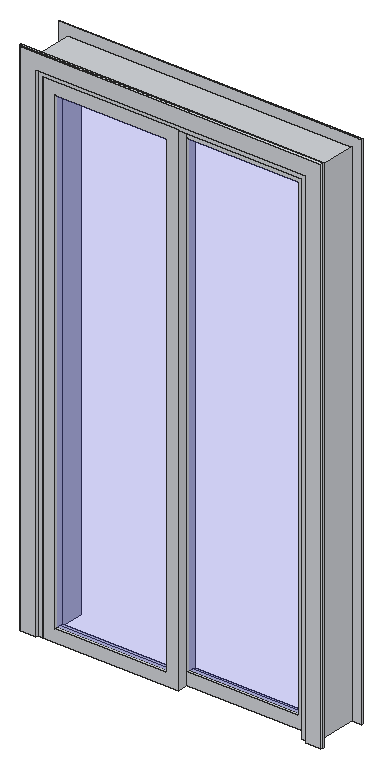
Revit family "Porta de correr dupla envidraçada com revestimento", category Portas, Revit 2019
Family settings
  Hospedeiro = Parede
  Número OmniClass = 23.30.10.00
  Título OmniClass = Doors
  Sempre na vertical = Sim
  Corte com vazios quando carregada = Não
  Compartilhado = Não
  Ponto de cálculo do ambiente = Não
Parameters (values of type "1200 x 2180mm")
  Visual Light Transmittance = 0.9
  Largura da apara = 70 mm
  Espessura da apara = 10 mm
  Material da apara = none
  Espessura = Espessura da moldura do painel * 2 + 10 mm  # 90 mm
  Solar Heat Gain Coefficient = 0.78
  Rough Width = Width  # 1200 mm
  Rough Height = Height  # 2180 mm
  Largura da moldura do painel = 50 mm
  Espessura da moldura do painel = 40 mm
  ID do tipo de construção = ""
  Coeficiente de transferência de calor (U) = 3.6886 W/(m²·K)
  Largura do puxador = 40 mm
  Material do puxador = none
  Altura do puxador = 200 mm
  Vidro = none
  Função = Exterior
  Largura da estrutura = 50 mm
  Height = 2180 mm
  Fechamento da parede = Por hospedeiro
  Width = 1200 mm
  Material da moldura = none
  Construção analítica = Vidraça única Pilkington 1/8 pol
Types (5, lengths in mm): name | Rough Width | Width
  (no name) | 1200 | 1200
  1200 x 2180mm | 1200 | 1200
  1400 x 2180mm | 1400 | 1400
  1600 x 2180mm | 1600 | 1600
  1800 x 2180mm | 1800 | 1800
Reference planes
  plane 1: y = 0
  plane 2 "Centro (Esquerda/Direita)": x = 0
  plane 3 "Esquerda": x = -600
  plane 4 "Direita": x = 600
  plane 5: z = 2180
  plane 6 "Exterior": y = 100
  plane 7 "Interior": y = -100
  plane 8: x = -550
  plane 9: x = -500
  plane 10: x = 500
  plane 11: x = 550
  plane 12: y = -60
  plane 13: z = 0
  plane 14: z = 2080
  plane 15: z = 50
  plane 16: z = 2130
  plane 17: x = 25
  plane 18: x = -25
  plane 19: z = 1065
  plane 20: x = 262.5
  plane 21: x = -262.5
  plane 22: z = 900
  plane 23: y = -100
  plane 24: y = -55
  plane 25: y = -15
  plane 26: y = -80
  plane 27: y = -35
  plane 28: y = -28
  plane 29: y = -42
  plane 30: y = -73
  plane 31: y = -87
  plane 32: z = 1000
  plane 33: z = 800
  plane 34: z = 962
  plane 35: z = 838
  plane 36: x = 20
  plane 37: x = -20
  plane 38: x = 17
  plane 39: x = -17
  plane 40: x = 400
  plane 41: x = 125
  plane 42: through (400, 300, 1065) normal (0.5, 0, 0.866)
  plane 43: through (400, 300, 1065) normal (-0.5, 0, 0.866)
  plane 44: x = -400
  plane 45: x = -125
  plane 46: through (-400, 300, 1065) normal (0.5, 0, -0.866)
  plane 47: through (-400, 300, 1065) normal (-0.5, 0, -0.866)
Forms (mm)
  Sweep 1, solid, material <- "Material da moldura"
    path origin (0, 100, 0) x (1, 0, 0) y (0, 0, 1)
      loop
        line (600, 0) -> (600, 2180) -> (-600, 2180) -> (-600, 0)
    profile origin (600, 100, 1090) x (-1, 0, 0) y (0, -1, 0)
      loop
        line (0, 0) -> (50, 0) -> (50, 200) -> (0, 200) -> (0, 0)
  Sweep 2, solid, material <- "Material da moldura"
    path origin (0, 100, 0) x (-1, 0, 0) y (0, 0, 1)
      loop
        line (-550, 0) -> (25, 0) -> (25, 2130) -> (-550, 2130) -> (-550, 0)
    profile origin (550, 100, 1065) x (-1, 0, 0) y (0, -1, 0)
      loop
        line (50, 115) -> (50, 155) -> (0, 155) -> (0, 115) -> (50, 115)
  Extrusion 3, solid, material <- "Vidro", detail levels fine
    sketch origin (0, 0, 0) x (-1, 0, 0) y (0, -1, 0)
      loop
        line (500, 73) -> (500, 87) -> (25, 87) -> (25, 73) -> (500, 73)
      loop
        line (-25, 28) -> (-25, 42) -> (-500, 42) -> (-500, 28) -> (-25, 28)
    from 50 to 2080
  Sweep 4, solid, material <- "Material da moldura"
    path origin (0, 100, 50) x (-1, 0, 0) y (0, 0, 1)
      loop
        line (550, -50) -> (550, 2080) -> (-25, 2080) -> (-25, -50) -> (550, -50)
    profile origin (-550, 100, 1065) x (-1, 0, 0) y (0, -1, 0)
      loop
        line (-50, 200) -> (-50, 160) -> (0, 160) -> (0, 200) -> (-50, 200)
  Extrusion 5, solid, material <- "Vidro"
    sketch origin (0, 165, 0) x (-1, 0, 0) y (0, -1, 0)
      loop
        line (25, 238) -> (500, 238) -> (500, 252) -> (25, 252) -> (25, 238)
      loop
        line (-25, 193) -> (-25, 207) -> (-500, 207) -> (-500, 193) -> (-25, 193)
    from 50 to 2080
  Sweep 6, solid, material <- "Material da apara", detail levels fine
    path origin (0, 100, 0) x (1, 0, 0) y (0, 0, 1)
      loop
        line (-600, 0) -> (-600, 2180) -> (600, 2180) -> (600, 0)
    profile "Perfil da apara : Perfil da apara" origin (600, 100, 1090) x (1, 0, 0) y (0, -1, 0)
      loop
        line (43, 0) -> (-27, 0) -> (-27, -10) -> (37, -10) -> (43, -4) -> (43, 0)
  Sweep 7, solid, material <- "Material da apara", detail levels fine
    path origin (0, -100, 0) x (1, 0, 0) y (0, 0, 1)
      loop
        line (600, 0) -> (600, 2180) -> (-600, 2180) -> (-600, 0)
    profile "Perfil da apara : Perfil da apara" origin (600, -100, 1090) x (-1, 0, 0) y (0, -1, 0)
      loop
        line (-43, 0) -> (27, 0) -> (27, 10) -> (-37, 10) -> (-43, 4) -> (-43, 0)
Lines and regions (mm)
  Opening 1
    outline origin (-3050, -100, 0) x (1, 0, 0) y (0, 0, 1)
      loop
        line (2450, 0) -> (3650, 0) -> (3650, 2180) -> (2450, 2180) -> (2450, 0)
  symbolic lines, style "Giro da elevação"
    curve 1: line (550, 100, 2130) -> (-25, 100, 0)
    curve 2: line (-25, 100, 2130) -> (550, 100, 0)
    curve 3: line (-550, 100, 2130) -> (25, 100, 0)
    curve 4: line (25, 100, 2130) -> (-550, 100, 0)
  model lines, style "DoorsGlassProjection", detail levels medium
    curve 5: line (-25, -80, 2080) -> (-500, -80, 2080)
    curve 6: line (-25, -80, 50) -> (-25, -80, 2080)
    curve 7: line (-500, -80, 50) -> (-25, -80, 50)
    curve 8: line (-500, -80, 2080) -> (-500, -80, 50)
    curve 9: line (500, -35, 2080) -> (25, -35, 2080)
    curve 10: line (500, -35, 50) -> (500, -35, 2080)
    curve 11: line (25, -35, 50) -> (500, -35, 50)
    curve 12: line (25, -35, 2080) -> (25, -35, 50)
  symbolic lines, style "Seta"
    curve 13: line (400, -35, 1065) -> (322.058, -35, 1110)
    curve 14: line (400, -35, 1065) -> (322.058, -35, 1020)
    curve 15: line (400, -35, 1065) -> (125, -35, 1065)
    curve 16: line (-400, -35, 1065) -> (-322.058, -35, 1110)
    curve 17: line (-400, -35, 1065) -> (-322.058, -35, 1020)
    curve 18: line (-400, -35, 1065) -> (-125, -35, 1065)
Text (mm)
  text "Externo" at (-2295.016, 1099.543, 0), in view "Nível de referência"
  text "Externo" at (0, 1615.38, 3698.081), in view "Esquerda"
  text "Externo" at (0, 1036.032, 3874.932), in view "Direita"
Dimensions and locks
  equal spacing: plane 3 "Esquerda", plane 2 "Centro (Esquerda/Direita)", plane 4 "Direita"
  "Width": plane 3 "Esquerda" to plane 4 "Direita"
  "Height": host wall to plane 5
  host wall to plane 5 = 2180 mm
  locked: plane 6 "Exterior" to host wall at 0
  locked: plane 7 "Interior" to host wall
  "Largura da estrutura": plane 3 "Esquerda" to plane 8
  "Largura da estrutura": plane 11 to plane 4 "Direita"
  "Largura da moldura do painel": plane 8 to plane 9
  "Largura da moldura do painel": plane 10 to plane 11
  "Largura da estrutura": plane 16 to plane 5
  "Largura da moldura do painel": plane 14 to plane 16
  "Largura da estrutura": plane 13 to plane 15
  equal spacing: plane 18, plane 2 "Centro (Esquerda/Direita)", plane 17
  "Largura da moldura do painel": plane 18 to plane 17
  equal spacing: plane 13, plane 19, plane 16
  equal spacing: plane 11, plane 20, plane 18
  equal spacing: plane 8, plane 21, plane 17
  "Espessura da moldura do painel": plane 12 to plane 23
  "Espessura da moldura do painel": plane 25 to plane 24
  equal spacing: plane 12, plane 26, plane 23
  equal spacing: plane 25, plane 27, plane 24
  plane 28 to plane 27 to plane 29 = 7 mm locked, 7 mm locked
  plane 31 to plane 26 to plane 30 = 7 mm locked, 7 mm locked
  locked: plane 13 to plane 22 at 900
  equal spacing: plane 33, plane 22, plane 32
  "Altura do puxador": plane 33 to plane 32
  locked: plane 33 to plane 35 at 38
  locked: plane 34 to plane 32 at 38
  equal spacing: plane 37, plane 2 "Centro (Esquerda/Direita)", plane 36
  "Largura do puxador": plane 37 to plane 36
  locked: nested 1 to plane 38 at 2
  locked: plane 39 to nested 1 at 2
  locked: curve 13 to curve 13 at 90
  locked: curve 14 to curve 14 at 90
  locked: plane 40 to plane 41 at 275
  equal spacing: plane 40, plane 20, plane 41
  locked: curve 16 to curve 16 at 90
  locked: curve 17 to curve 17 at 90
  locked: plane 44 to plane 45 at 275
  equal spacing: plane 44, plane 21, plane 45
  locked: plane 24 to plane 12 at 5
  locked: plane 19 to plane 42 (angle 30.00°)
  locked: plane 43 to plane 19 (angle 30.00°)
  locked: plane 46 to plane 19 (angle 30.00°)
  locked: plane 19 to plane 47 (angle 30.00°)
  aligned and locked: plane 3 "Esquerda" to Opening 1 sketch curve
  aligned and locked: plane 5 to Opening 1 sketch curve  (x2)
  aligned and locked: Opening 1 sketch curve to plane 4 "Direita"
  aligned and locked: Opening 1 sketch curve to level
  aligned and locked: plane 1 to host wall
  aligned and locked: level to plane 13
  aligned and locked: Sweep 1 sketch curve to plane 3 "Esquerda"
  aligned and locked: plane 5 to Sweep 1 sketch curve
  aligned and locked: plane 4 "Direita" to Sweep 1 sketch curve
  aligned and locked: Sweep 1 sketch curve to profile plane
  aligned and locked: Sweep 1 sketch curve to host wall
  aligned and locked: host wall to Sweep 1 sketch curve
  aligned and locked: Sweep 1 sketch curve to plane 11
  aligned and locked: Sweep 4 sketch curve to plane 8
  aligned and locked: Sweep 4 sketch curve to plane 17
  aligned and locked: Sweep 2 sketch curve to plane 11
  aligned and locked: Sweep 2 sketch curve to plane 16
  aligned and locked: Sweep 2 sketch curve to plane 18
  aligned and locked: plane 13 to Sweep 2 sketch curve
  aligned and locked: plane 9 to Extrusion 3 sketch curve
  aligned and locked: plane 18 to Extrusion 3 sketch curve
  aligned and locked: Extrusion 3 sketch curve to plane 17
  aligned and locked: Extrusion 3 sketch curve to plane 10
  aligned and locked: plane 16 to curve 1
  aligned and locked: plane 11 to curve 1
  aligned and locked: plane 18 to curve 2
  aligned and locked: plane 16 to curve 2
  aligned and locked: plane 11 to curve 2
  aligned and locked: plane 13 to curve 2
  aligned and locked: plane 18 to curve 1
  aligned and locked: plane 13 to curve 1
  aligned and locked: plane 16 to curve 3
  aligned and locked: plane 8 to curve 3
  aligned and locked: plane 16 to curve 4
  aligned and locked: plane 13 to curve 4
  aligned and locked: plane 8 to curve 4
  aligned and locked: plane 17 to curve 3
  aligned and locked: plane 13 to curve 3
  aligned and locked: Sweep 4 sketch curve to plane 13
  aligned and locked: plane 16 to Sweep 4 sketch curve
  aligned and locked: plane 23 to Sweep 4 sketch curve
  aligned and locked: Sweep 4 sketch curve to plane 9
  aligned and locked: Sweep 4 sketch curve to plane 12
  aligned and locked: profile plane to Sweep 4 sketch curve
  aligned and locked: Sweep 2 sketch curve to plane 25
  aligned and locked: plane 10 to Sweep 2 sketch curve
  aligned and locked: plane 24 to Sweep 2 sketch curve
  aligned and locked: Sweep 2 sketch curve to profile plane
  aligned and locked: Extrusion 3 sketch curve to plane 28
  aligned and locked: plane 29 to Extrusion 3 sketch curve
  aligned and locked: Extrusion 3 sketch curve to plane 30
  aligned and locked: Extrusion 3 sketch curve to plane 31
  aligned and locked: plane 14 to Extrusion 5
  aligned and locked: Extrusion 5 to plane 15
  aligned and locked: plane 18 to curve 6
  aligned and locked: curve 5 to plane 14
  aligned and locked: plane 9 to curve 8
  aligned and locked: plane 15 to curve 7
  aligned and locked: plane 15 to curve 11
  aligned and locked: curve 12 to plane 17
  aligned and locked: curve 9 to plane 14
  aligned and locked: curve 10 to plane 10
  aligned and locked: nested 1 to plane 25
  aligned and locked: plane 2 "Centro (Esquerda/Direita)" to nested 1
  aligned and locked: plane 22 to nested 1
  aligned and locked: Extrusion 5 sketch curve to plane 28
  aligned and locked: Extrusion 5 sketch curve to plane 17
  aligned and locked: plane 29 to Extrusion 5 sketch curve
  aligned and locked: Extrusion 5 sketch curve to plane 10
  aligned and locked: plane 14 to Extrusion 3
  aligned and locked: Extrusion 5 to plane 14
  aligned and locked: Sweep 6 sketch curve to plane 4 "Direita"
  aligned and locked: Sweep 6 sketch curve to plane 5
  aligned and locked: Sweep 6 sketch curve to plane 3 "Esquerda"
  aligned and locked: Sweep 7 sketch curve to plane 4 "Direita"
  aligned and locked: curve 13 to plane 42
  aligned and locked: curve 15 to plane 19
  aligned and locked: curve 16 to plane 46
  aligned and locked: plane 19 to curve 18
  aligned and locked: plane 13 to Sweep 7 sketch curve
  aligned and locked: Sweep 7 sketch curve to plane 3 "Esquerda"
  aligned and locked: plane 5 to Sweep 7 sketch curve
  aligned and locked: plane 23 to plane 7 "Interior"
Automatic sketch dimensions
  Sweep 1 sketch curve to level = 0 mm  (x2)
  plane 17 to curve 4 = 0 mm
  Extrusion 5 sketch curve to plane 18 = 0 mm
  Extrusion 5 sketch curve to plane 9 = 0 mm
  plane 31 to Extrusion 5 sketch curve = 0 mm
  Extrusion 5 sketch curve to plane 30 = 0 mm
  Sweep 6 sketch curve to level = 0 mm  (x2)
  curve 14 to plane 43 = 0 mm
  curve 15 to plane 41 = 0 mm
  curve 18 to plane 45 = 0 mm
  plane 47 to curve 17 = 0 mm
  Sweep 7 sketch curve to level = 0 mm
Nested families
  nested 1: "Maçaneta da porta 3" at (0, -15, 900), type "Maçaneta da porta 3", detail levels fine
Definition of nested family "Maçaneta da porta 3"
  Parameters
    Width = 40 mm
    Thickness = 3 mm
    Rough Width = Width  # 40 mm
    Rough Height = Height  # 200 mm
    Height = 200 mm
    Material do puxador = none
  Reference planes
    plane 1 "Centro (Frente/Trás)": y = 0
    plane 2: z = 0
    plane 3 "Centro (Esquerda/Direita)": x = 0
    plane 4: x = -20
    plane 5: x = 20
    plane 6: y = 3
    plane 7: z = 100
    plane 8: z = -100
    plane 9: y = -10
    plane 10: x = 15
    plane 11: x = -15
    plane 12: z = 60
    plane 13: z = -60
    plane 14: z = 85
    plane 15: z = -85
    plane 16: z = 62
    plane 17: x = 17
    plane 18: x = -17
    plane 19: z = -62
    plane 20: y = -8
    plane 21: y = -15
  Forms (mm)
    Extrusion 1, solid, material <- "Material do puxador"
      sketch origin (0, 0, 0) x (1, 0, 0) y (0, 0, 1)
        loop
          line (10, 100) -> (-10, 100)
          arc (-10, 100) -> (-17.071, 97.071) -> (-20, 90) r 10
          line (-20, 90) -> (-20, -90)
          arc (-20, -90) -> (-17.071, -97.071) -> (-10, -100) r 10
          line (-10, -100) -> (10, -100)
          arc (10, -100) -> (17.071, -97.071) -> (20, -90) r 10
          line (20, -90) -> (20, 90)
          arc (20, 90) -> (17.071, 97.071) -> (10, 100) r 10
        loop
          line (10, 60) -> (-10, 60)
          arc (-10, 60) -> (-13.536, 58.536) -> (-15, 55) r 5
          line (-15, 55) -> (-15, -55)
          arc (-15, -55) -> (-13.536, -58.536) -> (-10, -60) r 5
          line (-10, -60) -> (10, -60)
          arc (10, -60) -> (13.536, -58.536) -> (15, -55) r 5
          line (15, -55) -> (15, 55)
          arc (15, 55) -> (13.536, 58.536) -> (10, 60) r 5
        loop
          circle (0, 85) r 5
        loop
          circle (0, -85) r 5
      from -3 to 0
    Extrusion 2, solid, material <- "Material do puxador"
      sketch origin (0, 0, 0) x (1, 0, 0) y (0, 0, 1)
        loop
          arc (-10, 60) -> (-13.536, 58.536) -> (-15, 55) r 5
          line (-15, 55) -> (-15, -55)
          arc (-15, -55) -> (-13.536, -58.536) -> (-10, -60) r 5
          line (-10, -60) -> (10, -60)
          arc (10, -60) -> (13.536, -58.536) -> (15, -55) r 5
          line (15, -55) -> (15, 55)
          arc (15, 55) -> (13.536, 58.536) -> (10, 60) r 5
          line (10, 60) -> (-10, 60)
        loop
          arc (-10, 62) -> (-14.95, 59.95) -> (-17, 55) r 7
          line (-17, 55) -> (-17, -55)
          arc (-17, -55) -> (-14.95, -59.95) -> (-10, -62) r 7
          line (-10, -62) -> (10, -62)
          arc (10, -62) -> (14.95, -59.95) -> (17, -55) r 7
          line (17, -55) -> (17, 55)
          arc (17, 55) -> (14.95, 59.95) -> (10, 62) r 7
          line (10, 62) -> (-10, 62)
      from 0 to 10
    Extrusion 3, solid, material <- "Material do puxador"
      sketch origin (0, 0, 0) x (1, 0, 0) y (0, 0, 1)
        loop
          arc (-10, 60) -> (-13.536, 58.536) -> (-15, 55) r 5
          line (-15, 55) -> (-15, -55)
          arc (-15, -55) -> (-13.536, -58.536) -> (-10, -60) r 5
          line (-10, -60) -> (10, -60)
          arc (10, -60) -> (13.536, -58.536) -> (15, -55) r 5
          line (15, -55) -> (15, 55)
          arc (15, 55) -> (13.536, 58.536) -> (10, 60) r 5
          line (10, 60) -> (-10, 60)
      from 8 to 10
    Extrusion 4, void
      sketch origin (0, 0, 0) x (1, 0, 0) y (0, 0, 1)
        loop
          line (-17, 62) -> (-17, -62) -> (17, -62) -> (17, 62) -> (-17, 62)
      from 0 to 15
  Cuts and joins
    Extrusion 4 cuts Extrusion 1
    Extrusion 4 cuts Extrusion 2
    Extrusion 4 cuts Extrusion 3
    joined: Extrusion 1, Extrusion 2, Extrusion 3
  Dimensions and locks
    equal spacing: plane 4, plane 3 "Centro (Esquerda/Direita)", plane 5
    "Thickness": plane 6 to plane 1 "Centro (Frente/Trás)"
    "Width": plane 4 to plane 5
    equal spacing: plane 7, plane 2, plane 8
    "Height": plane 7 to plane 8
    locked: plane 10 to plane 5 at 5
    locked: plane 4 to plane 11 at 5
    locked: plane 8 to plane 13 at 40
    locked: plane 12 to plane 7 at 40
    locked: plane 14 to plane 7 at 15
    locked: plane 8 to plane 15 at 15
    locked: plane 9 to cut or joined group of Extrusion 1, Extrusion 2, Extrusion 3, Extrusion 4 at 10
    locked: plane 18 to plane 11 at 2
    locked: plane 19 to plane 13 at 2
    locked: plane 12 to plane 16 at 2
    locked: plane 10 to plane 17 at 2
    locked: plane 20 to plane 9 at 2
    locked: plane 9 to plane 21 at 5
    radius of Extrusion 1 sketch curve = 10 mm  (x4)
    radius of Extrusion 1 sketch curve = 5 mm  (x6)
    radius of Extrusion 2 sketch curve = 7 mm  (x4)
    aligned and locked: level to plane 2
    aligned and locked: plane 7 to Extrusion 1 sketch curve
    aligned and locked: plane 5 to Extrusion 1 sketch curve
    aligned and locked: Extrusion 1 sketch curve to plane 8
    aligned and locked: Extrusion 1 sketch curve to plane 4
    aligned and locked: plane 12 to Extrusion 1 sketch curve
    aligned and locked: Extrusion 1 sketch curve to plane 10
    aligned and locked: Extrusion 1 sketch curve to plane 13
    aligned and locked: plane 11 to Extrusion 1 sketch curve
    aligned and locked: plane 6 to Extrusion 1
    aligned and locked: plane 1 "Centro (Frente/Trás)" to Extrusion 1
    aligned and locked: plane 14 to Extrusion 1 sketch curve
    aligned and locked: plane 3 "Centro (Esquerda/Direita)" to Extrusion 1 sketch curve  (x2)
    aligned and locked: plane 15 to Extrusion 1 sketch curve
    aligned and locked: Extrusion 2 sketch curve to Extrusion 1  (x4)
    aligned and locked: Extrusion 2 to plane 1 "Centro (Frente/Trás)"
    aligned and locked: Extrusion 2 to plane 9
    aligned and locked: plane 16 to Extrusion 2 sketch curve
    aligned and locked: Extrusion 2 sketch curve to plane 17
    aligned and locked: plane 19 to Extrusion 2 sketch curve
    aligned and locked: Extrusion 2 sketch curve to plane 18
    aligned and locked: Extrusion 3 sketch curve to cut or joined group of Extrusion 1, Extrusion 2, Extrusion 3, Extrusion 4  (x4)
    aligned and locked: plane 20 to Extrusion 3
    aligned and locked: Extrusion 3 to plane 9
    aligned and locked: Extrusion 4 sketch curve to plane 16
    aligned and locked: plane 18 to Extrusion 4 sketch curve
    aligned and locked: Extrusion 4 sketch curve to plane 19
    aligned and locked: plane 17 to Extrusion 4 sketch curve
    aligned and locked: Extrusion 4 to plane 1 "Centro (Frente/Trás)"
    aligned and locked: Extrusion 4 to plane 21
  Automatic sketch dimensions
    Extrusion 1 sketch curve to plane 4 = 0 mm
    Extrusion 1 sketch curve to plane 5 = 0 mm
